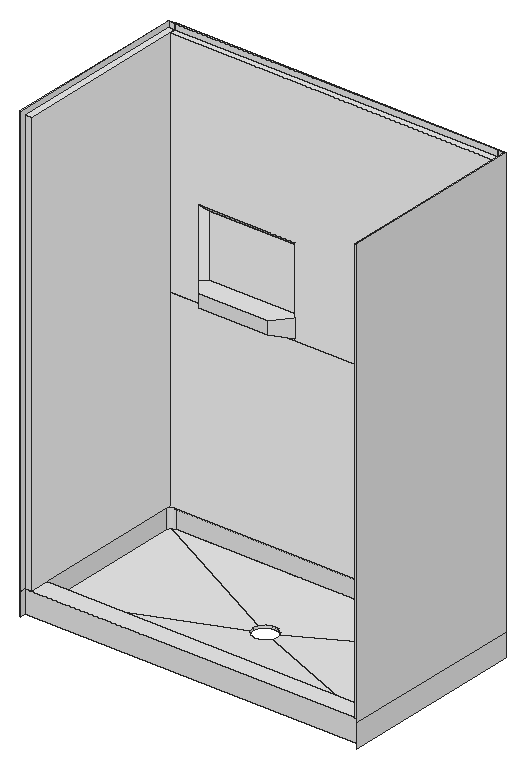
Revit family "5LBS6032.V2", category Plumbing Fixtures, Revit 2017
Family settings
  Round Connector Dimension = Use Diameter
  Part Type = Normal
  OmniClass Number = 23.45.05.14.17
  OmniClass Title = Showers
  Work Plane-Based = No
  Always vertical = Yes
  Cut with Voids When Loaded = No
  Shared = No
  Room Calculation Point = No
Parameters (values of type "5LRS6032")
  Unit Width = 60"
  Unit Height = 80 1/2"
  Unit Depth = 33"
  URL = "http://www.bestbath.com/"
  Type Comments = "Remodeler"
  Model = "5LBS6032"
  Material [instance] = Best Bath Gelcoat Fiberglass - RealTile
  Manufacturer = "Best Bath Systems, Inc."
  Keynote = "22 40 00.B3"
  Description = "Real Tile Finish"
  Assembly Code = "D2010710"
Types (2): name | Unit Height
  (no name) | 82 1/4"
  5LRS6032 | 80 1/2"
Reference planes (in)
  plane 1: z = 0
  plane 2 "Left": x = 0
  plane 3: z = 79.5
  plane 4: z = 80.5
  plane 5: y = 4.36165
  plane 6: y = 36.36165
  plane 7: x = 60
  plane 8: y = 35.11165
  plane 9: y = 20.36165
  plane 10: x = 30
  plane 11: z = 0.375
  plane 12: z = 0.75
  plane 13: z = 38.25
  plane 14: z = 4
  plane 15: y = 3.36165
  plane 16: z = 41.875
Forms (in)
  Extrusion 1, solid, material "Best Bath Gelcoat Fiberglass - Smooth"
    sketch origin (0, 0, 0) x (1, 0, 0) y (0, 1, 0)
      loop
        line (0, 4.36165) -> (60, 4.36165) -> (60, 36.36165) -> (0, 36.36165) -> (0, 4.36165)
      loop
        circle (30, 20.36165) r 2.125
    from 0 to 0.75
  Extrusion 2, solid, material "Best Bath Gelcoat Fiberglass - Smooth"
    sketch origin (0, 0, 0) x (1, 0, 0) y (0, 1, 0)
      loop
        line (1.25, 36.36165) -> (1.25, 35.11165) -> (58.75, 35.11165) -> (58.75, 36.36165) -> (1.25, 36.36165)
    from 4 to 38.25
  Blend 3, void
    base sketch origin (0, 0, 0) x (1, 0, 0) y (0, 1, 0)
      loop
        line (1.25, 8.38049) -> (58.75, 8.38049) -> (58.75, 35.11165) -> (1.25, 35.11165) -> (1.25, 8.38049)
    top sketch origin (0, 0, 0) x (1, 0, 0) y (0, 1, 0)
      loop
        circle (30, 20.36165) r 0.07952
    from 0.75 to 0.375
  Extrusion 4, solid, material "Best Bath Gelcoat Fiberglass - Smooth"
    sketch origin (0, 0, 0) x (1, 0, 0) y (0, 1, 0)
      loop
        line (1.25, 36.36165) -> (1.25, 35.11165) -> (58.75, 35.11165) -> (58.75, 36.36165) -> (1.25, 36.36165)
    from 38.25 to 79.5
  Extrusion 5, solid, material "Best Bath Gelcoat Fiberglass - Smooth"
    sketch origin (0.25, 0, 0) x (1, 0, 0) y (0, 1, 0)
      loop
        line (-0.25, 4.36165) -> (1, 4.36165) -> (1, 36.36165) -> (-0.25, 36.36165) -> (-0.25, 4.36165)
      loop
        line (59.75, 4.36165) -> (59.75, 36.36165) -> (58.5, 36.36165) -> (58.5, 4.36165) -> (59.75, 4.36165)
    from 4 to 79.5
  Extrusion 6, solid, material "Best Bath Gelcoat Fiberglass - Smooth"
    sketch origin (0, 0, 0) x (1, 0, 0) y (0, 1, 0)
      loop
        line (0, 36.36165) -> (0, 4.36165) -> (1.25, 4.36165) -> (1.25, 34.11165)
        arc (1.25, 34.11165) -> (1.54289, 34.81875) -> (2.25, 35.11165) r 1
        line (2.25, 35.11165) -> (57.75, 35.11165)
        arc (57.75, 35.11165) -> (58.45711, 34.81875) -> (58.75, 34.11165) r 1
        line (58.75, 34.11165) -> (58.75, 4.36165) -> (60, 4.36165) -> (60, 35.11165) -> (60, 36.36165) -> (0, 36.36165)
    from 0 to 4
  Sweep 7, solid, material "Best Bath Gelcoat Fiberglass - Smooth"
    path origin (0, 0, 0) x (1, 0, 0) y (0, 1, 0)
      loop
        line (1.25, 4.36165) -> (58.75, 4.36165)
    profile origin (30, 4.36165, 0) x (0, 1, 0) y (0, 0, 1)
      loop
        line (0, 0) -> (4.15, 0) -> (3.35, 4) -> (0, 4) -> (0, 0)
  Extrusion 8, solid, material "Best Bath Gelcoat Fiberglass - Smooth"
    sketch origin (0, 0, 0) x (1, 0, 0) y (0, 1, 0)
      loop
        line (0, 4.36165) -> (0, 3.36165) -> (0.125, 3.36165) -> (0.125, 4.36165) -> (0, 4.36165)
      loop
        line (60, 4.36165) -> (59.875, 4.36165) -> (59.875, 3.36165) -> (60, 3.36165) -> (60, 4.36165)
    from 0 to 4
  Extrusion 9, solid, material "Best Bath Gelcoat Fiberglass - Smooth"
    sketch origin (0, 0, 0) x (1, 0, 0) y (0, 1, 0)
      loop
        line (1.25, 36.36165) -> (1.25, 36.23665) -> (58.75, 36.23665) -> (58.75, 36.36165) -> (1.25, 36.36165)
    from 79.5 to 80.5
  Extrusion 10, solid, material "Best Bath Gelcoat Fiberglass - Smooth"
    sketch origin (0, 0, 0) x (1, 0, 0) y (0, 1, 0)
      loop
        line (0, 3.36165) -> (0.125, 3.36165) -> (0.125, 36.23665) -> (1.25, 36.23665) -> (1.25, 36.36165) -> (0, 36.36165) -> (0, 3.36165)
      loop
        line (60, 3.36165) -> (60, 36.36165) -> (58.75, 36.36165) -> (58.75, 36.23665) -> (59.875, 36.23665) -> (59.875, 3.36165) -> (60, 3.36165)
    from 4 to 80.5
  Blend 11, solid, material "Best Bath Gelcoat Fiberglass - Smooth"
    base sketch origin (-32.5625, -38, -0.375) x (1, 0, 0) y (0, 0, 1)
      loop
        line (56, 42.25) -> (39, 42.25) -> (39, 38.875) -> (56, 38.875) -> (56, 42.25)
    top sketch origin (-32.5625, -38, -0.375) x (1, 0, 0) y (0, 0, 1)
      loop
        line (41.375, 42.25) -> (41.375, 40) -> (53.625, 40) -> (53.625, 42.25) -> (41.375, 42.25)
    from -73.11165 to -70.11165
  Blend 12, void
    base sketch origin (-32.5625, -38.5, -0.375) x (1, 0, 0) y (0, 0, 1)
      loop
        line (39, 42.25) -> (56, 42.25) -> (56, 54.25) -> (39, 54.25) -> (39, 42.25)
    top sketch origin (-32.5625, -38.5, -0.375) x (1, 0, 0) y (0, 0, 1)
      loop
        line (40, 42.25) -> (55, 42.25) -> (55, 53.25) -> (40, 53.25) -> (40, 42.25)
    from -73.61165 to -74.61165
  Blend 13, void
    base sketch origin (92.5625, -38.5, -0.375) x (-1, 0, 0) y (0, 0, -1)
      loop
        line (39, -42.25) -> (39, -54.25) -> (56, -54.25) -> (56, -42.25) -> (39, -42.25)
    top sketch origin (92.5625, -38.5, -0.375) x (-1, 0, 0) y (0, 0, -1)
      loop
        line (40, -42.25) -> (40, -53.25) -> (55, -53.25) -> (55, -42.25) -> (40, -42.25)
    from -73.61165 to -74.61165
  Blend 14, solid, material "Best Bath Gelcoat Fiberglass - Smooth"
    base sketch origin (92.5625, -38, -0.375) x (-1, 0, 0) y (0, 0, -1)
      loop
        line (56, -42.25) -> (56, -38.875) -> (39, -38.875) -> (39, -42.25) -> (56, -42.25)
    top sketch origin (92.5625, -38, -0.375) x (-1, 0, 0) y (0, 0, -1)
      loop
        line (41.375, -42.25) -> (53.625, -42.25) -> (53.625, -40) -> (41.375, -40) -> (41.375, -42.25)
    from -73.11165 to -70.11165
Cuts and joins
  Blend 3 cuts Extrusion 1
  joined: Extrusion 1, Extrusion 6, Sweep 7, Extrusion 8
  Blend 12, Blend 13 cuts Extrusion 4
  Blend 12, Blend 13 cuts Extrusion 9
  Blend 13 cuts Blend 11
  joined: Extrusion 4, Extrusion 9, Blend 11, Blend 14
  joined: Extrusion 5, Extrusion 10
Dimensions and locks (in)
  locked: plane 4 to plane 3 at 1
  "Unit Height": plane 4 to level
  equal spacing: plane 2 "Left", plane 10, plane 7, locked at 30 each
  locked: plane 2 "Left" to plane 7 at 60
  plane 6 to plane 8 = 1 1/4"
  plane 6 to plane 9 = 16"
  locked: plane 12 to level at 0.75
  locked: plane 12 to plane 11 at 0.375
  locked: plane 13 to plane 14 at 34.25
  plane 14 to level = 4"
  locked: plane 5 to plane 15 at 1
  "Unit Depth": plane 6 to plane 15
  locked: plane 16 to plane 13 at 3.625
  aligned and locked: level to plane 1
  aligned and locked: Extrusion 1 sketch curve to plane 5
  aligned and locked: Extrusion 1 sketch curve to plane 2 "Left"
  aligned and locked: plane 6 to Extrusion 1 sketch curve
  aligned and locked: Extrusion 1 sketch curve to plane 7
  aligned and locked: plane 10 to Extrusion 1 sketch curve
  aligned and locked: plane 9 to Extrusion 1 sketch curve
  aligned and locked: plane 12 to Extrusion 1
  aligned and locked: plane 9 to Blend 3 sketch curve
  aligned and locked: plane 10 to Blend 3 sketch curve
  aligned and locked: Extrusion 1 to Blend 3
  aligned and locked: Blend 3 to plane 11
  aligned and locked: plane 13 to Extrusion 2
  aligned and locked: Extrusion 4 to Extrusion 2
  aligned and locked: plane 3 to Extrusion 4
  aligned and locked: plane 3 to Extrusion 5
  aligned and locked: plane 14 to Extrusion 6
  aligned and locked: Extrusion 5 to plane 14
  aligned and locked: plane 14 to cut or joined group of Extrusion 1, Blend 3, Extrusion 6, Sweep 7, Extrusion 8
  aligned and locked: Extrusion 2 to plane 14
  aligned and locked: Extrusion 8 to Extrusion 2
  aligned and locked: Extrusion 9 to plane 3
  aligned and locked: plane 4 to Extrusion 9
  aligned and locked: Extrusion 10 to Extrusion 2
  aligned and locked: plane 4 to Extrusion 10
  aligned and locked: plane 16 to Blend 11
  aligned and locked: cut or joined group of Extrusion 4, Extrusion 9, Blend 11, Blend 12, Blend 13, Blend 14 to plane 16
Automatic sketch dimensions
  Extrusion 2 sketch curve to plane 8 = 0"
  Extrusion 2 sketch curve to plane 6 = 0"
  plane 2 "Left" to Extrusion 2 sketch curve = 1 1/4"
  plane 7 to Extrusion 2 sketch curve = 1 1/4"
  Blend 3 sketch curve to plane 8 = 0"
  plane 2 "Left" to Blend 3 sketch curve = 1 1/4"
  plane 7 to Blend 3 sketch curve = 1 1/4"
  plane 5 to Blend 3 sketch curve = 4.01884"
  Extrusion 4 sketch curve to plane 8 = 0"
  Extrusion 4 sketch curve to plane 6 = 0"
  plane 2 "Left" to Extrusion 4 sketch curve = 1 1/4"
  plane 7 to Extrusion 4 sketch curve = 1 1/4"
  Extrusion 5 sketch curve to plane 2 "Left" = 0"
  Extrusion 5 sketch curve to plane 5 = 0"  (x2)
  Extrusion 5 sketch curve to plane 6 = 0"  (x2)
  Extrusion 5 sketch curve to plane 7 = 0"
  Extrusion 5 sketch curve to Extrusion 5 sketch curve = 1 1/4"
  Extrusion 6 sketch curve to plane 2 "Left" = 0"
  Extrusion 6 sketch curve to plane 5 = 0"  (x2)
  Extrusion 6 sketch curve to plane 8 = 0"  (x2)
  Extrusion 6 sketch curve to plane 7 = 0"
  Extrusion 6 sketch curve to plane 6 = 0"
  Extrusion 6 sketch curve to Extrusion 6 sketch curve = 1 1/4"
  Extrusion 6 sketch curve to Extrusion 6 sketch curve = 1"
  Extrusion 6 sketch curve to plane 8 = 1"
  plane 7 to Extrusion 6 sketch curve = 2 1/4"
  Sweep 7 sketch curve to plane 5 = 0"
  plane 2 "Left" to Sweep 7 sketch curve = 1 1/4"
  plane 7 to Sweep 7 sketch curve = 1 1/4"
  Sweep 7 sketch curve to profile plane = 0"
  Sweep 7 sketch curve to level = 0"
  Sweep 7 sketch curve to profile plane = 3.35"
  Sweep 7 sketch curve to profile plane = 4.15"
  level to Sweep 7 sketch curve = 4"
  Extrusion 8 sketch curve to plane 2 "Left" = 0"
  Extrusion 8 sketch curve to plane 15 = 0"  (x2)
  Extrusion 8 sketch curve to plane 5 = 0"  (x2)
  Extrusion 8 sketch curve to plane 7 = 0"
  plane 2 "Left" to Extrusion 8 sketch curve = 1/8"
  Extrusion 8 sketch curve to Extrusion 8 sketch curve = 1/8"
  Extrusion 9 sketch curve to plane 6 = 0"
  Extrusion 9 sketch curve to plane 6 = 1/8"
  plane 2 "Left" to Extrusion 9 sketch curve = 1 1/4"
  plane 7 to Extrusion 9 sketch curve = 1 1/4"
  Blend 11 sketch curve to plane 16 = 0"  (x2)
  plane 2 "Left" to Blend 11 sketch curve = 6 7/16"
  plane 13 to Blend 11 sketch curve = 1/4"
  Blend 11 sketch curve to plane 10 = 6 9/16"
  plane 13 to Blend 11 sketch curve = 1 3/8"
  plane 2 "Left" to Blend 11 sketch curve = 8 13/16"
  Blend 11 sketch curve to plane 10 = 8 15/16"
  Blend 12 sketch curve to plane 16 = 0"  (x2)
  plane 2 "Left" to Blend 12 sketch curve = 6 7/16"
  Blend 12 sketch curve to plane 10 = 6 9/16"
  Blend 12 sketch curve to Blend 12 sketch curve = 12"
  plane 2 "Left" to Blend 12 sketch curve = 7 7/16"
  Blend 12 sketch curve to plane 10 = 7 9/16"
  Blend 12 sketch curve to Blend 12 sketch curve = 11"
  Blend 13 sketch curve to plane 16 = 0"  (x2)
  plane 7 to Blend 13 sketch curve = 6 7/16"
  plane 10 to Blend 13 sketch curve = 6 9/16"
  Blend 13 sketch curve to Blend 13 sketch curve = 12"
  plane 7 to Blend 13 sketch curve = 7 7/16"
  plane 10 to Blend 13 sketch curve = 7 9/16"
  Blend 13 sketch curve to Blend 13 sketch curve = 11"
  Blend 14 sketch curve to plane 16 = 0"  (x2)
  plane 7 to Blend 14 sketch curve = 6 7/16"
  plane 13 to Blend 14 sketch curve = 1/4"
  plane 10 to Blend 14 sketch curve = 6 9/16"
  plane 13 to Blend 14 sketch curve = 1 3/8"
  plane 7 to Blend 14 sketch curve = 8 13/16"
  plane 10 to Blend 14 sketch curve = 8 15/16"
  plane 7 to Extrusion 5 sketch curve = 1 1/4"
  Extrusion 10 sketch curve to plane 2 "Left" = 0"
  Extrusion 10 sketch curve to plane 15 = 0"  (x2)
  Extrusion 10 sketch curve to plane 6 = 0"  (x2)
  Extrusion 10 sketch curve to plane 7 = 0"
  plane 2 "Left" to Extrusion 10 sketch curve = 1/8"
  Extrusion 10 sketch curve to plane 6 = 1/8"  (x2)
  Extrusion 10 sketch curve to Extrusion 10 sketch curve = 1 1/8"
  plane 7 to Extrusion 10 sketch curve = 1 1/4"
  plane 7 to Extrusion 10 sketch curve = 1/8"
  radius of Extrusion 1 sketch curve = 2 1/8"
  radius of Blend 3 sketch curve = 0.07952"
